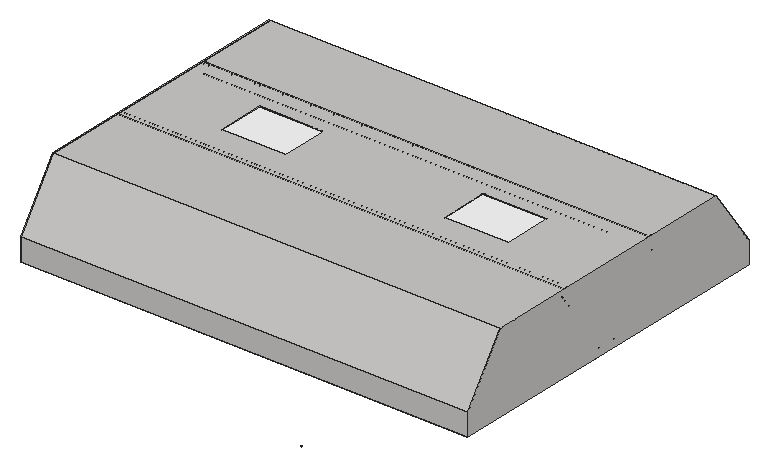
Revit family "QF_ELECTROLUXPROFESSIONAL_642371_BC2228DT", category Specialty Equipment, Revit 2014
Reference planes
  plane 1: z = 0
  plane 2 "Center (Left/Right)": x = 150
  plane 3 "LEFT": x = -1250
  plane 4 "RIGHT": x = 1550
  plane 5 "BACK": y = 550
  plane 6 "TOP": z = 2500
  plane 7 "Base": z = 2000
  plane 8: z = 1946
  plane 9: x = -1247
  plane 10 "DrainX": x = 1399
  plane 11 "AOLeft2": x = -350
  plane 12 "AORight1": x = 650
  plane 13: x = 1547
  plane 14: x = -1050
  plane 15: x = 1350
  plane 16: x = 50
  plane 17: x = 250
  plane 18 "AOLeft1": x = -750
  plane 19 "AORight2": x = 1050
  plane 20: y = -400
  plane 21: y = -700
  plane 22 "Center (Front/Back)": y = -550
  plane 23: y = -1650
  plane 24: through (0, -601.379, 2046.209) normal (0, 0.8019, 0.5974)
  plane 25: through (0, -498.621, 2046.209) normal (0, 0.8019, -0.5974)
  plane 26: z = 2140
Forms (mm)
  Extrusion 1, solid, material "QF_Finishes_Stainless Steel"
    sketch origin (-1250, 0, 360) x (0, 1, 0) y (0, 0, 1)
      loop
        line (550, 1640) -> (550, 1780) -> (299.446, 2140) -> (-1399.446, 2140) -> (-1650, 1780) -> (-1650, 1640) -> (550, 1640)
    from 0 to 3
  Extrusion 2, solid, material "QF_Finishes_Stainless Steel"
    sketch origin (1550, 0, 360) x (0, 1, 0) y (0, 0, 1)
      loop
        line (550, 1640) -> (550, 1780) -> (299.446, 2140) -> (-1399.446, 2140) -> (-1650, 1780) -> (-1650, 1640) -> (550, 1640)
    from 0 to -3
  Extrusion 3, solid, material "QF_Finishes_Stainless Steel"
    sketch origin (150, 0, 360) x (0, 1, 0) y (0, 0, 1)
      loop
        line (-1399.446, 2140) -> (-1650, 1780) -> (-1650, 1640) -> (-1640, 1640) -> (-1640, 1640.8) -> (-1649.2, 1640.8) -> (-1649.2, 1779.739) -> (-1399.025, 2139.19) -> (299.025, 2139.19) -> (549.2, 1779.739) -> (549.2, 1640.8) -> (540, 1640.8) -> (540, 1640) -> (550, 1640) -> (550, 1780) -> (299.446, 2140) -> (-1399.446, 2140)
    from -1400 to 1400
  Extrusion 4, void
    sketch origin (0, 0, 2500) x (0, 1, 0) y (-1, 0, 0)
      loop
        line (-400, 350) -> (-400, 750) -> (-700, 750) -> (-700, 350) -> (-400, 350)
    from 0 to -10
  Extrusion 5, solid, material "QF_Finishes_Stainless Steel"
    sketch origin (0, 0, 0) x (1, 0, 0) y (0, 1, 0)
      loop
        line (-1250, 550) -> (-1250, 549) -> (-1249, 549) -> (-1249, 550) -> (-1250, 550)
    from 0 to 1
  Extrusion 6, solid, material "QF_Finishes_Stainless Steel"
    sketch origin (150, -400, 360) x (0, 1, 0) y (0, 0, 1)
      loop
        line (-498.883, 2085.553) -> (-201.379, 1686.209) -> (-185.34, 1698.157) -> (-482.844, 2097.501) -> (-498.883, 2085.553)
      loop
        line (198.883, 2085.553) -> (182.844, 2097.501) -> (-114.66, 1698.157) -> (-98.621, 1686.209) -> (198.883, 2085.553)
    from -1200 to -1397
  Extrusion 7, solid, material "QF_Finishes_Stainless Steel"
    sketch origin (150, -400, 360) x (0, 1, 0) y (0, 0, 1)
      loop
        arc (-83.944, 1704.554) -> (-84.545, 1704.706) -> (-85.077, 1704.389) r 0.81
        line (-85.077, 1704.389) -> (-99.535, 1684.991) -> (-116.611, 1687.002) -> (-113.609, 1712.615) -> (-114.407, 1712.708) -> (-117.406, 1687.095)
        arc (-117.406, 1687.095) -> (-117.237, 1686.499) -> (-116.695, 1686.197) r 0.81
        line (-116.695, 1686.197) -> (-99.628, 1684.196)
        arc (-99.628, 1684.196) -> (-99.213, 1684.257) -> (-98.884, 1684.517) r 0.81
        line (-98.884, 1684.517) -> (-84.436, 1703.911) -> (-73.692, 1695.919) -> (-99.855, 1660.79) -> (-200.145, 1660.79) -> (-226.308, 1695.919) -> (-215.564, 1703.911) -> (-201.116, 1684.517)
        arc (-201.116, 1684.517) -> (-200.787, 1684.257) -> (-200.372, 1684.196) r 0.81
        line (-200.372, 1684.196) -> (-183.305, 1686.197)
        arc (-183.305, 1686.197) -> (-182.763, 1686.499) -> (-182.594, 1687.095) r 0.81
        line (-182.594, 1687.095) -> (-185.593, 1712.708) -> (-186.391, 1712.615) -> (-183.389, 1687.002) -> (-200.465, 1684.991) -> (-214.923, 1704.389)
        arc (-214.923, 1704.389) -> (-215.455, 1704.706) -> (-216.056, 1704.554) r 0.81
        line (-216.056, 1704.554) -> (-226.786, 1696.561)
        arc (-226.786, 1696.561) -> (-227.103, 1696.028) -> (-226.951, 1695.427) r 0.81
        line (-226.951, 1695.427) -> (-200.843, 1660.381)
        arc (-200.843, 1660.381) -> (-200.5, 1660.093) -> (-200.063, 1659.99) r 0.972
        line (-200.063, 1659.99) -> (-99.951, 1659.99)
        arc (-99.951, 1659.99) -> (-99.502, 1660.096) -> (-99.149, 1660.393) r 1
        line (-99.149, 1660.393) -> (-73.049, 1695.427)
        arc (-73.049, 1695.427) -> (-72.897, 1696.028) -> (-73.214, 1696.561) r 0.81
        line (-73.214, 1696.561) -> (-83.944, 1704.554)
      loop
        line (-492.735, 2139.19) -> (-492.735, 2129.205) -> (-517.587, 2110.686)
        arc (-517.587, 2110.686) -> (-517.904, 2110.153) -> (-517.752, 2109.552) r 0.81
        line (-517.752, 2109.552) -> (-484.894, 2065.446) -> (-495.625, 2057.438) -> (-495.147, 2056.796) -> (-484.418, 2064.79)
        arc (-484.418, 2064.79) -> (-484.1, 2065.322) -> (-484.252, 2065.923) r 0.81
        line (-484.252, 2065.923) -> (-517.117, 2110.038) -> (-491.935, 2128.798) -> (-491.935, 2138.4) -> (-462.776, 2138.4) -> (-462.776, 2070.563) -> (-461.976, 2069.49) -> (-461.976, 2139.19) -> (-492.735, 2139.19)
      loop
        line (192.735, 2139.19) -> (161.976, 2139.19) -> (161.976, 2069.49) -> (162.776, 2070.563) -> (162.776, 2138.4) -> (191.935, 2138.4) -> (191.935, 2128.798) -> (217.117, 2110.038) -> (184.252, 2065.923)
        arc (184.252, 2065.923) -> (184.1, 2065.322) -> (184.418, 2064.79) r 0.81
        line (184.418, 2064.79) -> (195.147, 2056.796) -> (195.625, 2057.438) -> (184.894, 2065.446) -> (217.752, 2109.552)
        arc (217.752, 2109.552) -> (217.904, 2110.153) -> (217.587, 2110.686) r 0.81
        line (217.587, 2110.686) -> (192.735, 2129.205) -> (192.735, 2139.19)
    from -1397 to 1397
  Extrusion 8, solid, material "QF_Finishes_Stainless Steel"
    sketch origin (150, -400, 360) x (0, 1, 0) y (0, 0, 1)
      loop
        line (-498.883, 2085.553) -> (-201.379, 1686.209) -> (-185.34, 1698.157) -> (-482.844, 2097.501) -> (-498.883, 2085.553)
      loop
        line (198.883, 2085.553) -> (182.844, 2097.501) -> (-114.66, 1698.157) -> (-98.621, 1686.209) -> (198.883, 2085.553)
    from 1397 to 1200
  Extrusion 9, solid, material "QF_Finishes_Stainless Steel"
    sketch origin (150, -400, 360) x (0, 1, 0) y (0, 0, 1)
      loop
        line (-498.883, 2085.553) -> (-201.379, 1686.209) -> (-185.34, 1698.157) -> (-482.844, 2097.501) -> (-498.883, 2085.553)
      loop
        line (198.883, 2085.553) -> (182.844, 2097.501) -> (-114.66, 1698.157) -> (-98.621, 1686.209) -> (198.883, 2085.553)
    from -100 to 100
  Extrusion 10, solid, material "QF_Finished_Chrome"
    sketch origin (150, -400, 360) x (0, 1, 0) y (0, 0, 1)
      loop
        line (-498.883, 2085.553) -> (-201.379, 1686.209) -> (-185.34, 1698.157) -> (-482.844, 2097.501) -> (-498.883, 2085.553)
      loop
        line (198.883, 2085.553) -> (182.844, 2097.501) -> (-114.66, 1698.157) -> (-98.621, 1686.209) -> (198.883, 2085.553)
    from -1200 to -100
  Extrusion 11, solid, material "QF_Finished_Chrome"
    sketch origin (150, -400, 360) x (0, 1, 0) y (0, 0, 1)
      loop
        line (-498.883, 2085.553) -> (-201.379, 1686.209) -> (-185.34, 1698.157) -> (-482.844, 2097.501) -> (-498.883, 2085.553)
      loop
        line (198.883, 2085.553) -> (182.844, 2097.501) -> (-114.66, 1698.157) -> (-98.621, 1686.209) -> (198.883, 2085.553)
    from 100 to 1200
  Sweep 12, solid, material "QF_Finishes_Stainless Steel"
    path origin (0, 0, 0) x (1, 0, 0) y (0, 1, 0)
      loop
        line (1550, 550) -> (-1250, 550) -> (-1250, -1650) -> (1550, -1650) -> (1550, 550)
    profile origin (1550, -550, 0) x (1, 0, 0) y (0, 0, 1)
      loop
        line (-3, 2000) -> (-3, 2000.8) -> (-19, 2000.8) -> (-19, 2010) -> (-20, 2010) -> (-20, 2000) -> (-3, 2000)
  Extrusion 13, void
    sketch origin (0, 0, 2500) x (0, 1, 0) y (-1, 0, 0)
      loop
        line (-400, -1050) -> (-400, -650) -> (-700, -650) -> (-700, -1050) -> (-400, -1050)
    from 0 to -10
  Extrusion 14, solid, material "QF_Finishes_Stainless Steel"
    sketch origin (1399, 0, 0) x (0, 1, 0) y (0, 0, 1)
      loop
        arc (-518.5, 1946) -> (-511.429, 1948.929) -> (-508.5, 1956) r 10
        line (-508.5, 1956) -> (-508.5, 2000.8) -> (-591.5, 2000.8) -> (-591.5, 1956)
        arc (-591.5, 1956) -> (-588.571, 1948.929) -> (-581.5, 1946) r 10
        line (-581.5, 1946) -> (-518.5, 1946)
    from -90 to 90
  Extrusion 15, solid, material "QF_Finishes_Stainless Steel"
    sketch origin (0, -1100, 2000) x (0, 1, 0) y (-1, 0, 0)
      loop
        circle (550, -1399) r 6.35
    from -3.799 to 0
Cuts and joins
  Extrusion 4, Extrusion 13 cuts Extrusion 3
  joined: Extrusion 2, Extrusion 3, Sweep 12
Lines and regions (mm)
  symbolic lines, style "SpecialityEquipment", detail levels coarse
    curve 1: line (1550, 550, 2500) -> (-1250, 550, 2500)
    curve 2: line (-1250, 550, 2500) -> (-1250, -1650, 2500)
    curve 3: line (1550, -1650, 2500) -> (1550, 550, 2500)
    curve 4: line (-1250, 299.446, 0) -> (1550, -1399.446, 0)
    curve 5: line (1550, 299.446, 0) -> (-1250.605, -1399.446, 0)
  symbolic lines, detail levels coarse
    curve 6: line (-750, -700, 0) -> (-350, -700, 0)
    curve 7: line (-750, -400, 0) -> (-750, -700, 0)
    curve 8: line (-350, -400, 0) -> (-750, -400, 0)
    curve 9: line (-350, -700, 0) -> (-350, -400, 0)
    curve 10: line (650, -400, 0) -> (650, -700, 0)
    curve 11: line (1050, -400, 0) -> (650, -400, 0)
    curve 12: line (1050, -700, 0) -> (1050, -400, 0)
    curve 13: line (650, -700, 0) -> (1050, -700, 0)
    curve 14: line (-1250.605, -1399.446, 0) -> (1550, -1399.446, 0)
    curve 15: line (1550, 299.446, 0) -> (-1250, 299.446, 0)
    curve 16: line (-1250, -1650, 0) -> (1550, -1650, 0)
Dimensions and locks
  plane 3 "LEFT" to plane 4 "RIGHT" = 2800 mm
  equal spacing: plane 3 "LEFT", plane 2 "Center (Left/Right)", plane 4 "RIGHT"
  plane 3 "LEFT" to plane 9 = 3 mm
  plane 10 "DrainX" to plane 4 "RIGHT" = 151 mm
  plane 13 to plane 4 "RIGHT" = 3 mm
  plane 3 "LEFT" to plane 14 = 200 mm
  plane 15 to plane 4 "RIGHT" = 200 mm
  locked: plane 11 "AOLeft2" to plane 12 "AORight1" at 1000
  equal spacing: plane 11 "AOLeft2", plane 2 "Center (Left/Right)", plane 12 "AORight1"
  locked: plane 7 "Base" to level at 2000
  locked: plane 16 to plane 17 at 200
  equal spacing: plane 16, plane 2 "Center (Left/Right)", plane 17
  plane 18 "AOLeft1" to plane 11 "AOLeft2" = 400 mm
  plane 12 "AORight1" to plane 19 "AORight2" = 400 mm
  plane 7 "Base" to plane 8 = 54 mm
  locked: plane 6 "TOP" to plane 7 "Base" at 500
  plane 5 "BACK" to plane 23 = 2200 mm  (x2)
  equal spacing: plane 5 "BACK", plane 22 "Center (Front/Back)", plane 23
  plane 21 to plane 20 = 300 mm
  equal spacing: plane 21, plane 22 "Center (Front/Back)", plane 20
  plane 26 to plane 7 "Base" = 140 mm
  aligned and locked: level to plane 1
  aligned and locked: plane 4 "RIGHT" to Extrusion 3
  aligned and locked: Extrusion 3 to plane 3 "LEFT"
  aligned and locked: Extrusion 6 to plane 9
  aligned and locked: plane 14 to Extrusion 6
  aligned and locked: Extrusion 2 to plane 13
  aligned and locked: plane 13 to Extrusion 8
  aligned and locked: Extrusion 8 to plane 15
  aligned and locked: plane 17 to Extrusion 9
  aligned and locked: Extrusion 9 to plane 16
  aligned and locked: plane 16 to Extrusion 10
  aligned and locked: Extrusion 10 to plane 14
  aligned and locked: Extrusion 11 to plane 17
  aligned and locked: Extrusion 11 to plane 15
  aligned and locked: Extrusion 7 to plane 9
  aligned and locked: plane 13 to Extrusion 7
  aligned and locked: Extrusion 4 to plane 18 "AOLeft1"
  aligned and locked: Extrusion 4 to plane 11 "AOLeft2"
  aligned and locked: plane 12 "AORight1" to Extrusion 13
  aligned and locked: plane 19 "AORight2" to Extrusion 13
  aligned and locked: plane 21 to Extrusion 13
  aligned and locked: plane 21 to Extrusion 4
  aligned and locked: plane 20 to Extrusion 13
  aligned and locked: plane 20 to Extrusion 4
  aligned and locked: curve 6 to Extrusion 4
  aligned and locked: curve 7 to Extrusion 4
  aligned and locked: curve 8 to Extrusion 4
  aligned and locked: curve 9 to Extrusion 4
  aligned and locked: curve 10 to Extrusion 13
  aligned and locked: curve 11 to Extrusion 13
  aligned and locked: curve 12 to Extrusion 13
  aligned and locked: curve 13 to Extrusion 13
Automatic sketch dimensions
  Extrusion 4 sketch curve to plane 11 "AOLeft2" = 0 mm
  Extrusion 4 sketch curve to plane 18 "AOLeft1" = 0 mm
  Extrusion 5 sketch curve to plane 3 "LEFT" = 0 mm
  Extrusion 5 sketch curve to plane 5 "BACK" = 0 mm
  plane 3 "LEFT" to Extrusion 5 sketch curve = 1 mm
  Extrusion 5 sketch curve to Extrusion 5 sketch curve = 1 mm
  Sweep 12 sketch curve to plane 3 "LEFT" = 0 mm
  Sweep 12 sketch curve to plane 4 "RIGHT" = 0 mm
  Sweep 12 sketch curve to plane 5 "BACK" = 0 mm
  profile plane to Sweep 12 sketch curve = 20 mm
  Sweep 12 sketch curve to Sweep 12 sketch curve = 1 mm
  profile plane to Sweep 12 sketch curve = 3 mm
  level to Sweep 12 sketch curve = 2000 mm
  Sweep 12 sketch curve to Sweep 12 sketch curve = 0.8 mm
  Sweep 12 sketch curve to Sweep 12 sketch curve = 9.2 mm
  Extrusion 13 sketch curve to plane 11 "AOLeft2" = 1400 mm
  plane 18 "AOLeft1" to Extrusion 13 sketch curve = 1400 mm
  Extrusion 13 sketch curve to Extrusion 13 sketch curve = 300 mm
  Extrusion 13 sketch curve to plane 20 = 0 mm
  plane 21 to Extrusion 2 sketch curve = 699.446 mm
  plane 21 to Sweep 12 sketch curve = 950 mm
  plane 21 to Extrusion 4 sketch curve = 0 mm
  Extrusion 4 sketch curve to plane 20 = 0 mm
  Extrusion 15 sketch curve to plane 10 "DrainX" = 0 mm
  Extrusion 15 sketch curve to plane 22 "Center (Front/Back)" = 0 mm
  Extrusion 14 sketch curve to plane 8 = 0 mm
  plane 8 to Extrusion 14 sketch curve = 10 mm
  Extrusion 14 sketch curve to plane 22 "Center (Front/Back)" = 41.5 mm
  plane 22 "Center (Front/Back)" to Extrusion 14 sketch curve = 31.5 mm
  plane 7 "Base" to Extrusion 14 sketch curve = 0.8 mm
  plane 22 "Center (Front/Back)" to Extrusion 14 sketch curve = 41.5 mm
  plane 21 to Extrusion 6 sketch curve = 198.883 mm
  Extrusion 6 sketch curve to plane 6 "TOP" = 42.499 mm  (x2)
  Extrusion 6 sketch curve to Extrusion 6 sketch curve = 16.039 mm  (x2)
  Extrusion 6 sketch curve to plane 22 "Center (Front/Back)" = 51.379 mm
  plane 22 "Center (Front/Back)" to Extrusion 6 sketch curve = 35.34 mm
  plane 20 to Extrusion 6 sketch curve = 182.844 mm
  Extrusion 6 sketch curve to Extrusion 6 sketch curve = 11.948 mm  (x2)
  Extrusion 7 sketch curve to plane 6 "TOP" = 30.448 mm  (x2)
  plane 21 to Extrusion 7 sketch curve = 217.752 mm
  Extrusion 7 sketch curve to plane 6 "TOP" = 29.314 mm  (x2)
  Extrusion 7 sketch curve to Extrusion 7 sketch curve = 0.166 mm  (x3)
  Extrusion 7 sketch curve to plane 6 "TOP" = 29.962 mm  (x2)
  Extrusion 7 sketch curve to Extrusion 7 sketch curve = 0.47 mm  (x2)
  Extrusion 7 sketch curve to Extrusion 7 sketch curve = 0.014 mm  (x2)
  Extrusion 7 sketch curve to plane 6 "TOP" = 82.562 mm  (x2)
  Extrusion 7 sketch curve to Extrusion 7 sketch curve = 22.127 mm
  Extrusion 7 sketch curve to plane 6 "TOP" = 83.204 mm  (x2)
  Extrusion 7 sketch curve to Extrusion 7 sketch curve = 0.478 mm  (x5)
  Extrusion 7 sketch curve to plane 6 "TOP" = 0.81 mm  (x2)
  Extrusion 7 sketch curve to Extrusion 7 sketch curve = 24.852 mm
  Extrusion 7 sketch curve to Extrusion 7 sketch curve = 0.8 mm  (x5)
  Extrusion 7 sketch curve to Extrusion 7 sketch curve = 10.724 mm
  Extrusion 7 sketch curve to plane 6 "TOP" = 74.554 mm  (x2)
  Extrusion 7 sketch curve to Extrusion 7 sketch curve = 0.008 mm  (x6)
  Extrusion 7 sketch curve to plane 6 "TOP" = 75.21 mm  (x2)
  Extrusion 7 sketch curve to plane 6 "TOP" = 74.077 mm  (x2)
  Extrusion 7 sketch curve to Extrusion 7 sketch curve = 0.642 mm  (x2)
  Extrusion 7 sketch curve to plane 6 "TOP" = 69.437 mm  (x2)
  Extrusion 7 sketch curve to Extrusion 7 sketch curve = 21.476 mm  (x2)
  Extrusion 7 sketch curve to plane 21 = 73.049 mm
  Extrusion 7 sketch curve to Extrusion 7 sketch curve = 0.006 mm  (x4)
  Extrusion 7 sketch curve to Extrusion 7 sketch curve = 10.73 mm  (x3)
  Extrusion 7 sketch curve to Extrusion 7 sketch curve = 0.484 mm  (x4)
  Extrusion 7 sketch curve to Extrusion 7 sketch curve = 0.641 mm  (x2)
  Extrusion 7 sketch curve to Extrusion 7 sketch curve = 14.448 mm
  plane 7 "Base" to Extrusion 7 sketch curve = 20.381 mm
  Extrusion 7 sketch curve to Extrusion 7 sketch curve = 0.273 mm
  Extrusion 7 sketch curve to Extrusion 7 sketch curve = 0.65 mm  (x2)
  Extrusion 7 sketch curve to Extrusion 7 sketch curve = 0.001 mm  (x4)
  Extrusion 7 sketch curve to Extrusion 7 sketch curve = 0.093 mm  (x2)
  plane 7 "Base" to Extrusion 7 sketch curve = 20.79 mm
  Extrusion 7 sketch curve to Extrusion 7 sketch curve = 0.698 mm
  Extrusion 7 sketch curve to Extrusion 7 sketch curve = 0.081 mm
  Extrusion 7 sketch curve to Extrusion 7 sketch curve = 28.531 mm
  Extrusion 7 sketch curve to Extrusion 7 sketch curve = 0.799 mm  (x2)
  Extrusion 7 sketch curve to Extrusion 7 sketch curve = 17.067 mm  (x2)
  Extrusion 7 sketch curve to Extrusion 7 sketch curve = 0.01 mm  (x4)
  Extrusion 7 sketch curve to Extrusion 7 sketch curve = 0.094 mm
  Extrusion 7 sketch curve to Extrusion 7 sketch curve = 0.795 mm  (x2)
  plane 22 "Center (Front/Back)" to Extrusion 7 sketch curve = 32.594 mm
  Extrusion 7 sketch curve to Extrusion 7 sketch curve = 0.71 mm
  Extrusion 7 sketch curve to Extrusion 7 sketch curve = 2.998 mm
  Extrusion 7 sketch curve to Extrusion 7 sketch curve = 16.745 mm
  Extrusion 7 sketch curve to Extrusion 7 sketch curve = 0.095 mm
  plane 7 "Base" to Extrusion 7 sketch curve = 20.393 mm
  Extrusion 7 sketch curve to Extrusion 7 sketch curve = 0.707 mm
  Extrusion 7 sketch curve to Extrusion 7 sketch curve = 0.651 mm
  Extrusion 7 sketch curve to Extrusion 7 sketch curve = 14.456 mm
  Extrusion 7 sketch curve to plane 6 "TOP" = 70.51 mm  (x2)
  plane 20 to Extrusion 7 sketch curve = 161.976 mm
  Extrusion 7 sketch curve to plane 6 "TOP" = 1.6 mm
  Extrusion 7 sketch curve to Extrusion 7 sketch curve = 29.159 mm
  Extrusion 7 sketch curve to Extrusion 7 sketch curve = 24.368 mm
  Extrusion 7 sketch curve to Extrusion 7 sketch curve = 0.636 mm
  Extrusion 7 sketch curve to Extrusion 7 sketch curve = 23.206 mm
  Extrusion 7 sketch curve to Extrusion 7 sketch curve = 23.234 mm
  Extrusion 7 sketch curve to Extrusion 7 sketch curve = 0.321 mm  (x2)
  Extrusion 7 sketch curve to Extrusion 7 sketch curve = 2.001 mm  (x2)
  Extrusion 7 sketch curve to Extrusion 7 sketch curve = 0.804 mm  (x2)
  Extrusion 7 sketch curve to Extrusion 7 sketch curve = 10.911 mm  (x2)
  Extrusion 7 sketch curve to Extrusion 7 sketch curve = 7.993 mm  (x2)
  Extrusion 7 sketch curve to Extrusion 7 sketch curve = 25.613 mm  (x2)
  Extrusion 7 sketch curve to Extrusion 7 sketch curve = 0.407 mm  (x2)
  Extrusion 7 sketch curve to Extrusion 7 sketch curve = 0.79 mm
  Extrusion 3 sketch curve to plane 7 "Base" = 0 mm  (x2)
  Extrusion 3 sketch curve to plane 23 = 0 mm
  Extrusion 3 sketch curve to plane 5 "BACK" = 0 mm
  plane 23 to Extrusion 3 sketch curve = 0.8 mm
  plane 7 "Base" to Extrusion 3 sketch curve = 0.8 mm  (x2)
  Extrusion 3 sketch curve to Extrusion 3 sketch curve = 9.2 mm
  plane 23 to Extrusion 3 sketch curve = 250.554 mm
  Extrusion 3 sketch curve to Extrusion 3 sketch curve = 0.421 mm  (x2)
  Extrusion 3 sketch curve to plane 6 "TOP" = 0.81 mm
  Extrusion 3 sketch curve to plane 5 "BACK" = 250.975 mm
  Extrusion 3 sketch curve to plane 5 "BACK" = 10 mm
  Extrusion 3 sketch curve to plane 5 "BACK" = 0.8 mm
  Extrusion 3 sketch curve to Extrusion 3 sketch curve = 138.939 mm  (x2)
  Extrusion 3 sketch curve to Extrusion 3 sketch curve = 0.261 mm  (x2)
  Extrusion 3 sketch curve to plane 6 "TOP" = 0 mm
  Extrusion 1 sketch curve to plane 7 "Base" = 0 mm
  Extrusion 1 sketch curve to plane 23 = 0 mm
  Extrusion 1 sketch curve to plane 6 "TOP" = 0 mm
  Extrusion 1 sketch curve to plane 5 "BACK" = 0 mm
  Extrusion 1 sketch curve to plane 5 "BACK" = 250.554 mm
  plane 7 "Base" to Extrusion 1 sketch curve = 140 mm
  Extrusion 1 sketch curve to Extrusion 1 sketch curve = 140 mm
  plane 23 to Extrusion 1 sketch curve = 250.554 mm
  Extrusion 2 sketch curve to plane 5 "BACK" = 250.554 mm
  plane 7 "Base" to Extrusion 2 sketch curve = 140 mm  (x2)
  Extrusion 2 sketch curve to plane 7 "Base" = 0 mm
  plane 23 to Extrusion 2 sketch curve = 0 mm
  Extrusion 2 sketch curve to plane 6 "TOP" = 0 mm
  Extrusion 2 sketch curve to plane 5 "BACK" = 0 mm
  plane 21 to Extrusion 10 sketch curve = 198.883 mm
  Extrusion 10 sketch curve to plane 6 "TOP" = 42.499 mm  (x2)
  Extrusion 10 sketch curve to Extrusion 10 sketch curve = 16.039 mm  (x2)
  Extrusion 10 sketch curve to plane 22 "Center (Front/Back)" = 51.379 mm
  plane 22 "Center (Front/Back)" to Extrusion 10 sketch curve = 35.34 mm
  plane 20 to Extrusion 10 sketch curve = 182.844 mm
  Extrusion 10 sketch curve to Extrusion 10 sketch curve = 11.948 mm  (x2)
  plane 21 to Extrusion 9 sketch curve = 198.883 mm
  Extrusion 9 sketch curve to plane 6 "TOP" = 42.499 mm  (x2)
  Extrusion 9 sketch curve to Extrusion 9 sketch curve = 16.039 mm  (x2)
  Extrusion 9 sketch curve to plane 22 "Center (Front/Back)" = 51.379 mm
  plane 22 "Center (Front/Back)" to Extrusion 9 sketch curve = 35.34 mm
  plane 20 to Extrusion 9 sketch curve = 182.844 mm
  Extrusion 9 sketch curve to Extrusion 9 sketch curve = 11.948 mm  (x2)
  plane 21 to Extrusion 11 sketch curve = 198.883 mm
  Extrusion 11 sketch curve to plane 6 "TOP" = 42.499 mm  (x2)
  Extrusion 11 sketch curve to Extrusion 11 sketch curve = 16.039 mm  (x2)
  Extrusion 11 sketch curve to plane 22 "Center (Front/Back)" = 51.379 mm
  plane 22 "Center (Front/Back)" to Extrusion 11 sketch curve = 35.34 mm
  plane 20 to Extrusion 11 sketch curve = 182.844 mm
  Extrusion 11 sketch curve to Extrusion 11 sketch curve = 11.948 mm  (x2)
  plane 21 to Extrusion 8 sketch curve = 198.883 mm
  Extrusion 8 sketch curve to plane 6 "TOP" = 42.499 mm  (x2)
  Extrusion 8 sketch curve to Extrusion 8 sketch curve = 16.039 mm  (x2)
  Extrusion 8 sketch curve to plane 22 "Center (Front/Back)" = 51.379 mm
  plane 22 "Center (Front/Back)" to Extrusion 8 sketch curve = 35.34 mm
  plane 20 to Extrusion 8 sketch curve = 182.844 mm
  Extrusion 8 sketch curve to Extrusion 8 sketch curve = 11.948 mm  (x2)
  curve 2 to plane 3 "LEFT" = 0 mm
  curve 2 to plane 23 = 0 mm
  curve 3 to plane 4 "RIGHT" = 0 mm
  curve 3 to plane 23 = 0 mm
  curve 2 to plane 5 "BACK" = 0 mm
  curve 15 to plane 3 "LEFT" = 0 mm
  curve 16 to plane 3 "LEFT" = 0 mm
  curve 14 to plane 4 "RIGHT" = 0 mm
  curve 15 to plane 4 "RIGHT" = 0 mm
  curve 16 to plane 4 "RIGHT" = 0 mm
  curve 16 to plane 23 = 0 mm
  curve 14 to plane 3 "LEFT" = 0.605 mm
  plane 23 to curve 4 = 250.554 mm
  curve 15 to plane 5 "BACK" = 250.554 mm
  radius of Extrusion 15 sketch curve = 6.35 mm
Connectors
  hvac at (-550, -550, 2500)
    settings: on Extrusion 4, index 2, duct flow 0.0 L/s, flow factor 0, pres drop 0.0 Pa, loss coef 0, conn angle 0.00°, conn width 300 mm, conn height 400 mm, conn diameter 609.6 mm, duct sys type 3, conn prof type 1, flow config 1, flow direction 2, loss method 0, conn ref index -1, conn util no, is conn primary yes, conn desc "EXHAUST OUTLET"
  hvac at (850, -550, 2500)
    settings: on Extrusion 13, index 3, duct flow 0.0 L/s, flow factor 0, pres drop 0.0 Pa, loss coef 0, conn angle 0.00°, conn width 300 mm, conn height 400 mm, conn diameter 609.6 mm, duct sys type 3, conn prof type 1, flow config 1, flow direction 2, loss method 0, conn ref index -1, conn util no, is conn primary no, conn desc "EXHAUST OUTLET"
  piping at (1399, -550, 1996.201), diameter 12.7
    settings: on Extrusion 15, index 4, connector inside diameter 609.6 mm, connector length 0 mm, flow factor 0, pipe flow 0.0 L/s, pressure drop 0.0 Pa, fitting loss kfactor 0, connector angle 0.00°, fixture units 0, engagement length 0 mm, angle of deflection 0.00°, flow configuration 1, flow direction 2, fitting loss method 0, system type 16, joint type 0, gender type 0, connector reference index -1, connector utility 0, adjustable connector no, is connector primary yes, connector description "Drain"
